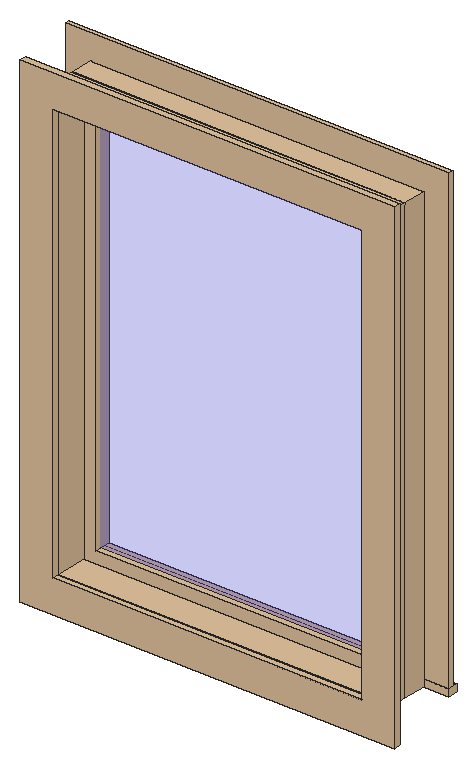
Revit family "M_Casement with Trim", category Windows, host Wall, Revit 2018
Family settings
  Host = Wall
  OmniClass Number = 23.30.20.17.21.14
  OmniClass Title = Casement Windows
  Always vertical = Yes
  Cut with Voids When Loaded = No
  Shared = No
  Room Calculation Point = No
Parameters (values of type "0915 x 1220mm")
  Visual Light Transmittance = 0.9
  Solar Heat Gain Coefficient = 0.78
  Construction Type Id = "GSP4R"
  Heat Transfer Coefficient (U) = 3.6886 W/(m²·K)
  Glass Pane Material = Glass
  Height = 1220.00 mm
  Sash = Sash
  Default Sill Height = 915.00 mm
  Trim Exterior Material = Trim
  Trim Interior Material = Trim
  Trim Projection - Ext. = 13.00 mm
  Trim Projection - Int. = 19.00 mm
  Trim Width - Exterior = 89.00 mm
  Trim Width - Interior = 89.00 mm
  Wall Closure = By host
  Width = 915.00 mm
  Window Inset = 19.00 mm
  Analytic Construction = "1/8 in Pilkington single glazing"
Reference planes
  plane 1: y = 0
  plane 2: z = 0
  plane 3 "Center": x = 0
  plane 4 "Left": x = -457.5
  plane 5 "Right": x = 457.5
  plane 6 "Sill": z = 915
  plane 7 "Top": z = 2135
  plane 8: y = 76.2
  plane 9: y = -76.2
  plane 10: y = 57.2
  plane 11 "Top": z = 1525
  plane 12: x = -438.45
  plane 13: x = -425.75
  plane 14: x = -527.45
  plane 15: x = -514.75
  plane 16: x = 425.75
  plane 17: x = 438.45
  plane 18: x = 514.75
  plane 19: x = 527.45
  plane 20: z = 2204.95
  plane 21: z = 2192.25
  plane 22: z = 2115.95
  plane 23: z = 2103.25
  plane 24: z = 946.75
  plane 25: z = 857.75
  plane 26 "Closure": y = 28.625
Forms (mm)
  Extrusion 1, solid, material "Trim" <- "Trim Exterior Material"
    sketch origin (0, 0, 0) x (1, 0, 0) y (0, 0, 1)
      loop
        line (-457.5, 2135) -> (-457.5, 915) -> (457.5, 915) -> (457.5, 2135) -> (-457.5, 2135)
      loop
        line (-438.45, 2115.95) -> (-438.45, 934.05) -> (438.45, 934.05) -> (438.45, 2115.95) -> (-438.45, 2115.95)
    from -76.2 to -12.75
  Extrusion 2, solid, material "Trim" <- "Trim Interior Material"
    sketch origin (0, 0, 0) x (-1, 0, 0) y (0, 0, 1)
      loop
        line (-457.5, 2135) -> (-457.5, 915) -> (457.5, 915) -> (457.5, 2135) -> (-457.5, 2135)
      loop
        line (-425.75, 2103.25) -> (-425.75, 946.75) -> (425.75, 946.75) -> (425.75, 2103.25) -> (-425.75, 2103.25)
    from 12.75 to -76.2
  Extrusion 3, solid, material "Sash" <- "Sash"
    sketch origin (0, 0, 0) x (-1, 0, 0) y (0, 0, 1)
      loop
        line (-438.45, 2115.95) -> (-438.45, 934.05) -> (438.45, 934.05) -> (438.45, 2115.95) -> (-438.45, 2115.95)
      loop
        line (-394, 2071.5) -> (-394, 978.5) -> (394, 978.5) -> (394, 2071.5) -> (-394, 2071.5)
    from 12.75 to 57.2
  Extrusion 4, solid, material "Glass" <- "Glass Pane Material"
    sketch origin (-124.971, 0, -117.036) x (1, 0, 0) y (0, 0, 1)
      loop
        line (-269.029, 2188.536) -> (-269.029, 1095.536) -> (518.971, 1095.536) -> (518.971, 2188.536) -> (-269.029, 2188.536)
    from -41.325 to -28.625
  Extrusion 5, solid, material "Trim" <- "Trim Interior Material"
    sketch origin (0, 0, 0) x (1, 0, 0) y (0, 0, 1)
      loop
        line (-425.75, 2103.25) -> (-425.75, 946.75) -> (425.75, 946.75) -> (425.75, 2103.25) -> (-425.75, 2103.25)
      loop
        line (-514.75, 2192.25) -> (-514.75, 857.75) -> (514.75, 857.75) -> (514.75, 2192.25) -> (-514.75, 2192.25)
    from 76.2 to 95.2
  Extrusion 6, solid, material "Trim" <- "Trim Exterior Material"
    sketch origin (0, 0, 0) x (-1, 0, 0) y (0, 0, 1)
      loop
        line (-438.45, 2115.95) -> (438.45, 2115.95) -> (438.45, 934.05) -> (527.45, 934.05) -> (527.45, 2204.95) -> (-527.45, 2204.95) -> (-527.45, 934.05) -> (-438.45, 934.05) -> (-438.45, 2115.95)
    from 76.2 to 89.2
  Extrusion 7, solid, material "Trim" <- "Trim Exterior Material"
    sketch origin (0, 0, 0) x (-1, 0, 0) y (0, 0, 1)
      loop
        line (-527.45, 934.05) -> (-527.45, 915) -> (527.45, 915) -> (527.45, 934.05) -> (-527.45, 934.05)
    from 76.2 to 101.9
Lines and regions (mm)
  Opening 1
    outline origin (-1524, -76.2, 0) x (1, 0, 0) y (0, 0, 1)
      loop
        line (1066.5, 2135) -> (1066.5, 915) -> (1981.5, 915) -> (1981.5, 2135) -> (1066.5, 2135)
  symbolic lines, style "WindowsFrameMullionProjection"
    curve 1: line (-457.5, 76.2, 0) -> (-438.45, 76.2, 0)
    curve 2: line (-438.45, 12.75, 0) -> (-438.45, 76.2, 0)
    curve 3: line (-438.45, 12.75, 0) -> (-425.75, 12.75, 0)
    curve 4: line (-425.75, -76.2, 0) -> (-425.75, 12.75, 0)
    curve 5: line (457.5, 76.2, 0) -> (438.45, 76.2, 0)
    curve 6: line (425.75, 12.75, 0) -> (425.75, -76.2, 0)
    curve 7: line (425.75, 12.75, 0) -> (438.45, 12.75, 0)
    curve 8: line (438.45, 12.75, 0) -> (438.45, 76.2, 0)
    curve 9: line (-438.45, 57.2, 0) -> (-394, 57.2, 0)
    curve 10: line (-438.45, 57.2, 0) -> (-438.45, 12.75, 0)
    curve 11: line (-438.45, 12.75, 0) -> (-394, 12.75, 0)
    curve 12: line (-394, 57.2, 0) -> (-394, 12.75, 0)
    curve 13: line (438.45, 57.2, 0) -> (394, 57.2, 0)
    curve 14: line (438.45, 57.2, 0) -> (438.45, 12.75, 0)
    curve 15: line (438.45, 12.75, 0) -> (394, 12.75, 0)
    curve 16: line (394, 57.2, 0) -> (394, 12.75, 0)
    curve 22: line (-425.75, -76.2, 0) -> (-457.5, -76.2, 0)
    curve 23: line (425.75, -76.2, 0) -> (457.5, -76.2, 0)
  symbolic lines, style "WindowsGlassProjection"
    curve 17: line (-394, 34.975, 0) -> (394, 34.975, 0)
  symbolic lines, style "Elevation Swing"
    curve 18: line (394, 57.2, 1525) -> (-394, 57.2, 2071.5)
    curve 19: line (394, 57.2, 1525) -> (-394, 57.2, 978.5)
    curve 20: line (-394, 12.75, 978.5) -> (394, 12.75, 1525)
    curve 21: line (394, 12.75, 1525) -> (-394, 12.75, 2071.5)
Text (mm)
  text "EXTERIOR" at (-1437.207, 772.553, 0), in view "Floor Line"
  text "INTERIOR" at (-1490.695, -608.643, 0), in view "Floor Line"
  text "Exterior" at (0, 1108.87, 3415.022), in view "Left"
  text "Exterior" at (0, 464.664, 3176.206), in view "Right"
Dimensions and locks
  equal spacing: plane 4 "Left", plane 3 "Center", plane 5 "Right"
  "Width": plane 4 "Left" to plane 5 "Right"
  plane 2 to plane 25 to plane 6 "Sill" to plane 11 "Top" to plane 7 "Top" = 857.75 mm, 57.25 mm, 610.00 mm, 610.00 mm
  "Window Inset": plane 8 to plane 10
  locked: plane 10 to Extrusion 3 at 44.45
  locked: plane 10 to Extrusion 4 at 15.875
  locked: Extrusion 4 to Extrusion 4 at 12.7
  "Trim Projection - Int.": Extrusion 5 to Extrusion 5
  equal spacing: plane 6 "Sill", plane 11 "Top", plane 7 "Top"
  locked: Extrusion 7 to Extrusion 6 at 12.7
  "Trim Projection - Ext.": Extrusion 6 to Extrusion 6
  locked: plane 4 "Left" to plane 13 at 31.75
  locked: plane 16 to plane 5 "Right" at 31.75
  locked: plane 4 "Left" to plane 12 at 19.05
  locked: plane 17 to plane 5 "Right" at 19.05
  locked: plane 22 to plane 7 "Top" at 19.05
  "Trim Width - Exterior": plane 22 to plane 20
  "Trim Width - Exterior": plane 17 to plane 19
  "Trim Width - Exterior": plane 14 to plane 12
  locked: plane 7 "Top" to plane 23 at 31.75
  locked: plane 24 to plane 6 "Sill" at 31.75
  "Trim Width - Interior": plane 21 to plane 23
  "Trim Width - Interior": plane 24 to plane 25
  "Trim Width - Interior": plane 15 to plane 13
  "Trim Width - Interior": plane 16 to plane 18
  locked: Extrusion 7 sketch curve to Extrusion 7 sketch curve at 19.05
  "Height": plane 7 "Top" to plane 6 "Sill"
  "Default Sill Height": plane 6 "Sill" to plane 2
  locked: plane 8 to plane 26 "Closure" at 47.575
  aligned and locked: plane 7 "Top" to Opening 1 sketch curve
  aligned and locked: plane 6 "Sill" to Opening 1 sketch curve  (x2)
  aligned and locked: plane 5 "Right" to Opening 1 sketch curve
  aligned and locked: plane 4 "Left" to Opening 1 sketch curve
  aligned and locked: plane 9 to host wall
  aligned and locked: host wall to Extrusion 2
  aligned and locked: plane 10 to Extrusion 3
  aligned and locked: plane 8 to host wall
  aligned and locked: host wall to Extrusion 1
  aligned and locked: Extrusion 2 to Extrusion 1
  aligned and locked: Extrusion 1 to Extrusion 3
  aligned and locked: Extrusion 4 sketch curve to Extrusion 3  (x4)
  aligned and locked: curve 5 to Extrusion 1  (x2)
  aligned and locked: Extrusion 2 to curve 6
  aligned and locked: curve 4 to Extrusion 2
  aligned and locked: curve 16 to Extrusion 3
  aligned and locked: Extrusion 1 to curve 11
  aligned and locked: Extrusion 1 to curve 7
  aligned and locked: Extrusion 3 to curve 18
  aligned and locked: Extrusion 5 sketch curve to Extrusion 2  (x4)
  aligned and locked: Extrusion 5 to host wall
  aligned and locked: Extrusion 7 sketch curve to Extrusion 6  (x2)
  aligned and locked: Extrusion 6 to host wall
  aligned and locked: Extrusion 7 to host wall
Automatic sketch dimensions
  Extrusion 1 sketch curve to plane 4 "Left" = 0.00 mm
  Extrusion 1 sketch curve to plane 5 "Right" = 0.00 mm
  Extrusion 1 sketch curve to plane 4 "Left" = 19.05 mm
  plane 5 "Right" to Extrusion 1 sketch curve = 19.05 mm
  Extrusion 1 sketch curve to plane 6 "Sill" = 0.00 mm
  Extrusion 1 sketch curve to plane 7 "Top" = 0.00 mm
  Extrusion 1 sketch curve to plane 6 "Sill" = 19.05 mm
  plane 7 "Top" to Extrusion 1 sketch curve = 19.05 mm
  Extrusion 2 sketch curve to plane 5 "Right" = 0.00 mm
  Extrusion 2 sketch curve to plane 4 "Left" = 0.00 mm
  plane 5 "Right" to Extrusion 2 sketch curve = 31.75 mm
  Extrusion 2 sketch curve to plane 4 "Left" = 31.75 mm
  Extrusion 2 sketch curve to plane 6 "Sill" = 0.00 mm
  Extrusion 2 sketch curve to plane 7 "Top" = 0.00 mm
  Extrusion 2 sketch curve to plane 6 "Sill" = 31.75 mm
  plane 7 "Top" to Extrusion 2 sketch curve = 31.75 mm
  plane 5 "Right" to Extrusion 3 sketch curve = 19.05 mm
  plane 5 "Right" to Extrusion 3 sketch curve = 63.50 mm
  Extrusion 3 sketch curve to plane 4 "Left" = 63.50 mm
  Extrusion 3 sketch curve to plane 4 "Left" = 19.05 mm
  Extrusion 3 sketch curve to plane 6 "Sill" = 19.05 mm
  Extrusion 3 sketch curve to plane 6 "Sill" = 63.50 mm
  plane 7 "Top" to Extrusion 3 sketch curve = 63.50 mm
  plane 7 "Top" to Extrusion 3 sketch curve = 19.05 mm
  curve 19 to plane 11 "Top" = 0.00 mm
  curve 21 to plane 11 "Top" = 0.00 mm
  curve 21 to curve 18 = 0.00 mm  (x2)
  curve 20 to plane 6 "Sill" = 63.50 mm
  curve 19 to curve 20 = 0.00 mm  (x2)
  curve 18 to plane 4 "Left" = 63.50 mm
  curve 20 to plane 4 "Left" = 63.50 mm
  plane 5 "Right" to curve 20 = 63.50 mm
  curve 19 to curve 21 = 0.00 mm
  curve 22 to plane 4 "Left" = 0.00 mm
  curve 1 to plane 4 "Left" = 0.00 mm
  curve 2 to plane 8 = 0.00 mm
  curve 10 to plane 10 = 0.00 mm
  curve 13 to plane 10 = 0.00 mm
  curve 23 to plane 5 "Right" = 0.00 mm
  curve 2 to plane 4 "Left" = 19.05 mm
  curve 9 to curve 12 = 44.45 mm
  plane 5 "Right" to curve 13 = 19.05 mm
  curve 23 to plane 9 = 0.00 mm
  curve 4 to plane 9 = 0.00 mm
  curve 11 to curve 17 = 22.225 mm
  Extrusion 7 sketch curve to plane 14 = 0.00 mm
  Extrusion 5 sketch curve to plane 15 = 0.00 mm
  Extrusion 5 sketch curve to plane 18 = 0.00 mm
  Extrusion 5 sketch curve to plane 25 = 0.00 mm
  Extrusion 5 sketch curve to plane 21 = 0.00 mm
  Extrusion 6 sketch curve to plane 19 = 0.00 mm
  Extrusion 6 sketch curve to plane 17 = 0.00 mm
  Extrusion 6 sketch curve to plane 12 = 0.00 mm
  Extrusion 6 sketch curve to plane 14 = 0.00 mm
  Extrusion 6 sketch curve to plane 22 = 0.00 mm
  Extrusion 6 sketch curve to plane 20 = 0.00 mm
  Extrusion 6 sketch curve to plane 6 "Sill" = 19.05 mm  (x2)
